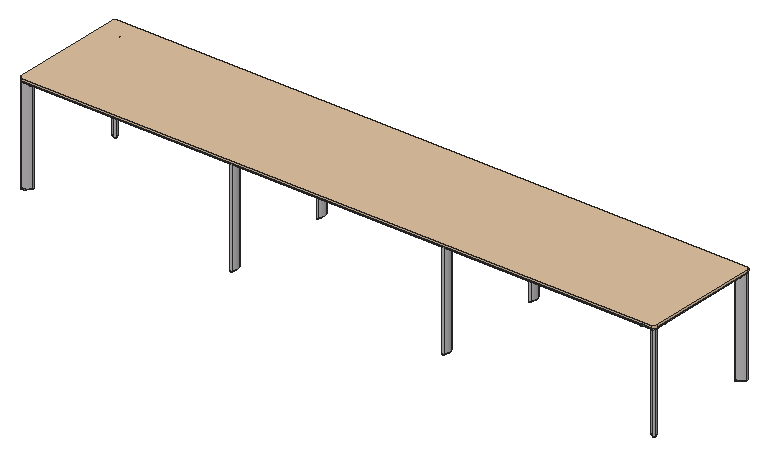
Revit family "FU_Table_Sandler_Laminar 0948", category Furniture, Revit 2020
Family settings
  OmniClass Number = 23.40.20.00
  OmniClass Title = General Furniture and Specialties
  Work Plane-Based = No
  Always vertical = Yes
  Cut with Voids When Loaded = No
  Shared = No
  Room Calculation Point = No
Parameters (values of type "Laminar 0948 (Dining Height)")
  Width = 4800 mm
  URL = "https://www.sandlerseating.com/product/laminar-0948/"
  Top [instance] = Wood - Oak - Natural - V
  Model = "Laminar 0948"
  Manufacturer = "Sandler"
  Height = 750 mm
  Frame [instance] = Epoxy - M2_G42
  EL Dist = Width / 3  # 1600 mm
  Description = "480cm x 90cm / 189″ x 36″ table on epoxy painted frame."
  Depth = 900 mm
  Default Elevation = 0 mm
Types (4, lengths in mm): name | Top | Height | Frame
  (no name) | Wood - Oak - Natural - V | 750 | Epoxy - M2_G42
  Laminar 0948 (Dining Height) | Wood - Oak - Natural - V | 750 | Epoxy - M2_G42
  Laminar 0948 (Counter Height) | Lacquer - W2 - G42 | 900 | Epoxy - M2_V16
  Laminar 0948 (Bar Height) | HPL - Solid - White | 1050 | Epoxy - M1_B00 - Black
Reference planes
  plane 1 "Center (Front/Back)": y = 0
  plane 2: z = 0
  plane 3 "Center (Left/Right)": x = 0
  plane 4 "Right": x = -2400
  plane 5 "Left": x = 2400
  plane 6 "Back": y = 450
  plane 7 "Front": y = -450
  plane 8 "Height": z = 750
  plane 9 "Top Frame Base": z = 737
  plane 10 "Frame Edge Right TOP": x = -2305
  plane 11 "Frame Edge Left TOP": x = 2305
  plane 12 "Frame Edge Front TOP": y = -355
  plane 13 "Frame Edge Back TOP": y = 355
  plane 14 "Right Leg C TOP": x = -2362.984
  plane 15 "Back Leg C TOP": y = 412.984
  plane 16 "Front Leg C TOP": y = -412.984
  plane 17 "Left C TOP": x = 2362.984
  plane 18 "Glide Height": z = 6
  plane 19 "Frame Base FRONT": z = 696.108
  plane 20 "Cross Support Front TOP": y = -392.984
  plane 21 "Cross Support Back TOP": y = 392.984
  plane 22 "EL Right TOP": x = -800
  plane 23 "EL Left TOP": x = 800
Forms (mm)
  Extrusion 1, solid, material "Wood - Oak - Natural - V" <- "Top"
    sketch origin (0, 0, 750) x (-1, 0, 0) y (0, -1, 0)
      loop
        arc (2375, -450) -> (2392.678, -442.678) -> (2400, -425) r 25
        line (2400, -425) -> (2400, 425)
        arc (2400, 425) -> (2392.678, 442.678) -> (2375, 450) r 25
        line (2375, 450) -> (-2375, 450)
        arc (-2375, 450) -> (-2392.678, 442.678) -> (-2400, 425) r 25
        line (-2400, 425) -> (-2400, -425)
        arc (-2400, -425) -> (-2392.678, -442.678) -> (-2375, -450) r 25
        line (-2375, -450) -> (2375, -450)
    from 0 to -13
  Sweep 2, solid, material "Epoxy - M2_G42" <- "Frame"
    path origin (0, 0, 737) x (-1, 0, 0) y (0, -1, 0)
      loop
        line (-2305, 450) -> (2305, 450)
    profile "Pro_Laminar_Frame : Pro_Laminar_Frame" origin (0, -450, 737) x (0, -1, 0) y (0, 0, 1)
      loop
        arc (-78.25, 0) -> (-78.959, -0.294) -> (-79.252, -1.003) r 1.003
        line (-79.252, -1.003) -> (-79.252, -40.038)
        arc (-79.252, -40.038) -> (-78.971, -40.718) -> (-78.29, -41) r 0.962
        line (-78.29, -41) -> (-56.47, -41)
        arc (-56.47, -41) -> (-49.536, -40.019) -> (-43.146, -37.154) r 25
        line (-43.146, -37.154) -> (-3.835, -12.393)
        arc (-3.835, -12.393) -> (-2.123, -10.579) -> (-1.5, -8.162) r 5
        line (-1.5, -8.162) -> (-1.5, -0.534)
        arc (-1.5, -0.534) -> (-1.656, -0.156) -> (-2.034, 0) r 0.534
        line (-2.034, 0) -> (-78.25, 0)
  Sweep 3, solid, material "Epoxy - M2_G42" <- "Frame"
    path origin (0, 0, 737) x (-1, 0, 0) y (0, -1, 0)
      loop
        line (2400, 355) -> (2400, -355)
    profile "Pro_Laminar_Frame : Pro_Laminar_Frame" origin (-2400, 0, 737) x (-1, 0, 0) y (0, 0, 1)
      loop
        arc (-78.25, 0) -> (-78.959, -0.294) -> (-79.252, -1.003) r 1.003
        line (-79.252, -1.003) -> (-79.252, -40.038)
        arc (-79.252, -40.038) -> (-78.971, -40.718) -> (-78.29, -41) r 0.962
        line (-78.29, -41) -> (-56.47, -41)
        arc (-56.47, -41) -> (-49.536, -40.019) -> (-43.146, -37.154) r 25
        line (-43.146, -37.154) -> (-3.835, -12.393)
        arc (-3.835, -12.393) -> (-2.123, -10.579) -> (-1.5, -8.162) r 5
        line (-1.5, -8.162) -> (-1.5, -0.534)
        arc (-1.5, -0.534) -> (-1.656, -0.156) -> (-2.034, 0) r 0.534
        line (-2.034, 0) -> (-78.25, 0)
  Sweep 4, solid, material "Epoxy - M2_G42" <- "Frame"
    path origin (0, 0, 737) x (-1, 0, 0) y (0, -1, 0)
      loop
        line (2305, -450) -> (-2305, -450)
    profile "Pro_Laminar_Frame : Pro_Laminar_Frame" origin (0, 450, 737) x (0, 1, 0) y (0, 0, 1)
      loop
        arc (-78.25, 0) -> (-78.959, -0.294) -> (-79.252, -1.003) r 1.003
        line (-79.252, -1.003) -> (-79.252, -40.038)
        arc (-79.252, -40.038) -> (-78.971, -40.718) -> (-78.29, -41) r 0.962
        line (-78.29, -41) -> (-56.47, -41)
        arc (-56.47, -41) -> (-49.536, -40.019) -> (-43.146, -37.154) r 25
        line (-43.146, -37.154) -> (-3.835, -12.393)
        arc (-3.835, -12.393) -> (-2.123, -10.579) -> (-1.5, -8.162) r 5
        line (-1.5, -8.162) -> (-1.5, -0.534)
        arc (-1.5, -0.534) -> (-1.656, -0.156) -> (-2.034, 0) r 0.534
        line (-2.034, 0) -> (-78.25, 0)
  Sweep 5, solid, material "Epoxy - M2_G42" <- "Frame"
    path origin (0, 0, 737) x (-1, 0, 0) y (0, -1, 0)
      loop
        line (-2400, 355) -> (-2400, -355)
    profile "Pro_Laminar_Frame : Pro_Laminar_Frame" origin (2400, 0, 737) x (-1, 0, 0) y (0, 0, 1)
      loop
        line (78.25, 0) -> (2.034, 0)
        arc (2.034, 0) -> (1.656, -0.156) -> (1.5, -0.534) r 0.534
        line (1.5, -0.534) -> (1.5, -8.162)
        arc (1.5, -8.162) -> (2.123, -10.579) -> (3.835, -12.393) r 5
        line (3.835, -12.393) -> (43.146, -37.154)
        arc (43.146, -37.154) -> (49.536, -40.019) -> (56.47, -41) r 25
        line (56.47, -41) -> (78.29, -41)
        arc (78.29, -41) -> (78.971, -40.718) -> (79.252, -40.038) r 0.962
        line (79.252, -40.038) -> (79.252, -1.003)
        arc (79.252, -1.003) -> (78.959, -0.294) -> (78.25, 0) r 1.003
  Sweep 6, solid, material "Epoxy - M2_G42" <- "Frame"
    path origin (0, 412.984, 0) x (1, 0, 0) y (0, 0, 1)
      loop
        line (-2362.984, 6) -> (-2362.984, 737)
    profile "Pro_Laminar_Leg : Pro_Laminar_Leg" origin (-2362.984, 412.984, 371.5) x (-1, 0, 0) y (0, -1, 0)
      loop
        arc (-16.792, 30.86) -> (-28.302, 28.302) -> (-30.86, 16.792) r 10.982
        arc (-30.86, 16.792) -> (-12.33, -12.33) -> (16.792, -30.86) r 79.547
        arc (16.792, -30.86) -> (28.302, -28.302) -> (30.86, -16.792) r 10.982
        arc (30.86, -16.792) -> (12.33, 12.33) -> (-16.792, 30.86) r 79.547
  Sweep 7, solid, material "Epoxy - M2_G42" <- "Frame"
    path origin (0, -412.984, 0) x (1, 0, 0) y (0, 0, 1)
      loop
        line (-2362.984, 6) -> (-2362.984, 737)
    profile "Pro_Laminar_Leg : Pro_Laminar_Leg" origin (-2362.984, -412.984, 371.5) x (-1, 0, 0) y (0, -1, 0)
      loop
        arc (-30.86, -16.792) -> (-28.302, -28.302) -> (-16.792, -30.86) r 10.982
        arc (-16.792, -30.86) -> (12.33, -12.33) -> (30.86, 16.792) r 79.547
        arc (30.86, 16.792) -> (28.302, 28.302) -> (16.792, 30.86) r 10.982
        arc (16.792, 30.86) -> (-12.33, 12.33) -> (-30.86, -16.792) r 79.547
  Sweep 8, solid, material "Epoxy - M2_G42" <- "Frame"
    path origin (0, -412.984, 0) x (1, 0, 0) y (0, 0, 1)
      loop
        line (2362.984, 6) -> (2362.984, 737)
    profile "Pro_Laminar_Leg : Pro_Laminar_Leg" origin (2362.984, -412.984, 371.5) x (-1, 0, 0) y (0, -1, 0)
      loop
        arc (-16.792, 30.86) -> (-28.302, 28.302) -> (-30.86, 16.792) r 10.982
        arc (-30.86, 16.792) -> (-12.33, -12.33) -> (16.792, -30.86) r 79.547
        arc (16.792, -30.86) -> (28.302, -28.302) -> (30.86, -16.792) r 10.982
        arc (30.86, -16.792) -> (12.33, 12.33) -> (-16.792, 30.86) r 79.547
  Sweep 9, solid, material "Epoxy - M2_G42" <- "Frame"
    path origin (0, 412.984, 0) x (1, 0, 0) y (0, 0, 1)
      loop
        line (2362.984, 6) -> (2362.984, 737)
    profile "Pro_Laminar_Leg : Pro_Laminar_Leg" origin (2362.984, 412.984, 371.5) x (-1, 0, 0) y (0, -1, 0)
      loop
        arc (-30.86, -16.792) -> (-28.302, -28.302) -> (-16.792, -30.86) r 10.982
        arc (-16.792, -30.86) -> (12.33, -12.33) -> (30.86, 16.792) r 79.547
        arc (30.86, 16.792) -> (28.302, 28.302) -> (16.792, 30.86) r 10.982
        arc (16.792, 30.86) -> (-12.33, 12.33) -> (-30.86, -16.792) r 79.547
  Sweep 10, solid, material "Rubber, Black"
    path origin (0, 412.984, 0) x (1, 0, 0) y (0, 0, 1)
      loop
        line (2362.984, 0) -> (2362.984, 6)
    profile "Pro_Laminar_Leg : Pro_Laminar_Leg" origin (2362.984, 412.984, 3) x (-1, 0, 0) y (0, -1, 0)
      loop
        arc (-30.86, -16.792) -> (-28.302, -28.302) -> (-16.792, -30.86) r 10.982
        arc (-16.792, -30.86) -> (12.33, -12.33) -> (30.86, 16.792) r 79.547
        arc (30.86, 16.792) -> (28.302, 28.302) -> (16.792, 30.86) r 10.982
        arc (16.792, 30.86) -> (-12.33, 12.33) -> (-30.86, -16.792) r 79.547
  Sweep 11, solid, material "Rubber, Black"
    path origin (0, 412.984, 0) x (1, 0, 0) y (0, 0, 1)
      loop
        line (-2362.984, 0) -> (-2362.984, 6)
    profile "Pro_Laminar_Leg : Pro_Laminar_Leg" origin (-2362.984, 412.984, 3) x (-1, 0, 0) y (0, -1, 0)
      loop
        arc (-16.792, 30.86) -> (-28.302, 28.302) -> (-30.86, 16.792) r 10.982
        arc (-30.86, 16.792) -> (-12.33, -12.33) -> (16.792, -30.86) r 79.547
        arc (16.792, -30.86) -> (28.302, -28.302) -> (30.86, -16.792) r 10.982
        arc (30.86, -16.792) -> (12.33, 12.33) -> (-16.792, 30.86) r 79.547
  Sweep 12, solid, material "Rubber, Black"
    path origin (0, -412.984, 0) x (1, 0, 0) y (0, 0, 1)
      loop
        line (-2362.984, 0) -> (-2362.984, 6)
    profile "Pro_Laminar_Leg : Pro_Laminar_Leg" origin (-2362.984, -412.984, 3) x (-1, 0, 0) y (0, -1, 0)
      loop
        arc (-30.86, -16.792) -> (-28.302, -28.302) -> (-16.792, -30.86) r 10.982
        arc (-16.792, -30.86) -> (12.33, -12.33) -> (30.86, 16.792) r 79.547
        arc (30.86, 16.792) -> (28.302, 28.302) -> (16.792, 30.86) r 10.982
        arc (16.792, 30.86) -> (-12.33, 12.33) -> (-30.86, -16.792) r 79.547
  Sweep 13, solid, material "Rubber, Black"
    path origin (0, -412.984, 0) x (1, 0, 0) y (0, 0, 1)
      loop
        line (2362.984, 0) -> (2362.984, 6)
    profile "Pro_Laminar_Leg : Pro_Laminar_Leg" origin (2362.984, -412.984, 3) x (-1, 0, 0) y (0, -1, 0)
      loop
        arc (-16.792, 30.86) -> (-28.302, 28.302) -> (-30.86, 16.792) r 10.982
        arc (-30.86, 16.792) -> (-12.33, -12.33) -> (16.792, -30.86) r 79.547
        arc (16.792, -30.86) -> (28.302, -28.302) -> (30.86, -16.792) r 10.982
        arc (30.86, -16.792) -> (12.33, 12.33) -> (-16.792, 30.86) r 79.547
  Sweep 14, solid, material "Epoxy - M2_G42" <- "Frame"
    path origin (0, 0, 737) x (-1, 0, 0) y (0, -1, 0)
      loop
        line (-2305, 448.5) -> (-2398.5, 448.5) -> (-2398.5, 355)
    profile "Pro_Laminar_Frame : Pro_Laminar_Frame" origin (2351.75, -448.5, 737) x (0, 1, 0) y (0, 0, 1)
      loop
        line (76.75, 0) -> (0.534, 0)
        arc (0.534, 0) -> (0.156, -0.156) -> (0, -0.534) r 0.534
        line (0, -0.534) -> (0, -8.162)
        arc (0, -8.162) -> (0.623, -10.579) -> (2.335, -12.393) r 5
        line (2.335, -12.393) -> (41.646, -37.154)
        arc (41.646, -37.154) -> (48.036, -40.019) -> (54.97, -41) r 25
        line (54.97, -41) -> (76.79, -41)
        arc (76.79, -41) -> (77.471, -40.718) -> (77.752, -40.038) r 0.962
        line (77.752, -40.038) -> (77.752, -1.003)
        arc (77.752, -1.003) -> (77.459, -0.294) -> (76.75, 0) r 1.003
  Extrusion 15, void
    sketch origin (0, 0, 737) x (-1, 0, 0) y (0, -1, 0)
      loop
        line (-2374.12, 449.12) -> (-2374.12, 464.12) -> (-2414.12, 464.12) -> (-2414.12, 424.12) -> (-2399.12, 424.12)
        arc (-2399.12, 424.12) -> (-2391.798, 441.798) -> (-2374.12, 449.12) r 25
    from -40.892 to 13
  Sweep 16, solid, material "Epoxy - M2_G42" <- "Frame"
    path origin (0, 0, 737) x (1, 0, 0) y (0, -1, 0)
      loop
        line (-2305, 448.5) -> (-2398.5, 448.5) -> (-2398.5, 355)
    profile "Pro_Laminar_Frame : Pro_Laminar_Frame" origin (-2351.75, -448.5, 737) x (0, -1, 0) y (0, 0, 1)
      loop
        arc (-76.75, 0) -> (-77.459, -0.294) -> (-77.752, -1.003) r 1.003
        line (-77.752, -1.003) -> (-77.752, -40.038)
        arc (-77.752, -40.038) -> (-77.471, -40.718) -> (-76.79, -41) r 0.962
        line (-76.79, -41) -> (-54.97, -41)
        arc (-54.97, -41) -> (-48.036, -40.019) -> (-41.646, -37.154) r 25
        line (-41.646, -37.154) -> (-2.335, -12.393)
        arc (-2.335, -12.393) -> (-0.623, -10.579) -> (0, -8.162) r 5
        line (0, -8.162) -> (0, -0.534)
        arc (0, -0.534) -> (-0.156, -0.156) -> (-0.534, 0) r 0.534
        line (-0.534, 0) -> (-76.75, 0)
  Sweep 17, solid, material "Epoxy - M2_G42" <- "Frame"
    path origin (0, 0, 737) x (1, 0, 0) y (0, 1, 0)
      loop
        line (-2305, 448.5) -> (-2398.5, 448.5) -> (-2398.5, 355)
    profile "Pro_Laminar_Frame : Pro_Laminar_Frame" origin (-2351.75, 448.5, 737) x (0, -1, 0) y (0, 0, 1)
      loop
        line (76.75, 0) -> (0.534, 0)
        arc (0.534, 0) -> (0.156, -0.156) -> (0, -0.534) r 0.534
        line (0, -0.534) -> (0, -8.162)
        arc (0, -8.162) -> (0.623, -10.579) -> (2.335, -12.393) r 5
        line (2.335, -12.393) -> (41.646, -37.154)
        arc (41.646, -37.154) -> (48.036, -40.019) -> (54.97, -41) r 25
        line (54.97, -41) -> (76.79, -41)
        arc (76.79, -41) -> (77.471, -40.718) -> (77.752, -40.038) r 0.962
        line (77.752, -40.038) -> (77.752, -1.003)
        arc (77.752, -1.003) -> (77.459, -0.294) -> (76.75, 0) r 1.003
  Sweep 18, solid, material "Epoxy - M2_G42" <- "Frame"
    path origin (0, 0, 737) x (-1, 0, 0) y (0, 1, 0)
      loop
        line (-2305, 448.5) -> (-2398.5, 448.5) -> (-2398.5, 355)
    profile "Pro_Laminar_Frame : Pro_Laminar_Frame" origin (2351.75, 448.5, 737) x (0, 1, 0) y (0, 0, 1)
      loop
        arc (-76.75, 0) -> (-77.459, -0.294) -> (-77.752, -1.003) r 1.003
        line (-77.752, -1.003) -> (-77.752, -40.038)
        arc (-77.752, -40.038) -> (-77.471, -40.718) -> (-76.79, -41) r 0.962
        line (-76.79, -41) -> (-54.97, -41)
        arc (-54.97, -41) -> (-48.036, -40.019) -> (-41.646, -37.154) r 25
        line (-41.646, -37.154) -> (-2.335, -12.393)
        arc (-2.335, -12.393) -> (-0.623, -10.579) -> (0, -8.162) r 5
        line (0, -8.162) -> (0, -0.534)
        arc (0, -0.534) -> (-0.156, -0.156) -> (-0.534, 0) r 0.534
        line (-0.534, 0) -> (-76.75, 0)
  Extrusion 19, void
    sketch origin (0, 0, 737) x (1, 0, 0) y (0, 1, 0)
      loop
        arc (-2374.12, -449.12) -> (-2391.798, -441.798) -> (-2399.12, -424.12) r 25
        line (-2399.12, -424.12) -> (-2414.12, -424.12) -> (-2414.12, -464.12) -> (-2374.12, -464.12) -> (-2374.12, -449.12)
    from -40.892 to 13
  Extrusion 20, void
    sketch origin (0, 0, 737) x (1, 0, 0) y (0, 1, 0)
      loop
        line (-2374.12, 449.12) -> (-2374.12, 464.12) -> (-2414.12, 464.12) -> (-2414.12, 424.12) -> (-2399.12, 424.12)
        arc (-2399.12, 424.12) -> (-2391.798, 441.798) -> (-2374.12, 449.12) r 25
    from -40.892 to 13
  Extrusion 21, void
    sketch origin (0, 0, 737) x (-1, 0, 0) y (0, -1, 0)
      loop
        arc (-2374.12, -449.12) -> (-2391.798, -441.798) -> (-2399.12, -424.12) r 25
        line (-2399.12, -424.12) -> (-2414.12, -424.12) -> (-2414.12, -464.12) -> (-2374.12, -464.12) -> (-2374.12, -449.12)
    from -40.892 to 13
  Sweep 22, solid, material "Epoxy - M2_G42" <- "Frame"
    path origin (-800, -412.984, 0) x (1, 0, 0) y (0, 0, 1)
      loop
        line (0, 6) -> (0, 737)
    profile "Pro_Laminar_Leg : Pro_Laminar_Leg" origin (-800, -412.984, 371.5) x (-1, 0, 0) y (0, -1, 0)
      loop
        arc (-9.948, -38.695) -> (0, -45.025) -> (9.948, -38.695) r 10.982
        arc (9.948, -38.695) -> (17.437, -5) -> (9.948, 28.695) r 79.547
        arc (9.948, 28.695) -> (0, 35.025) -> (-9.948, 28.695) r 10.982
        arc (-9.948, 28.695) -> (-17.437, -5) -> (-9.948, -38.695) r 79.547
  Sweep 23, solid, material "Rubber, Black"
    path origin (-800, -412.984, 0) x (1, 0, 0) y (0, 0, 1)
      loop
        line (0, 0) -> (0, 6)
    profile "Pro_Laminar_Leg : Pro_Laminar_Leg" origin (-800, -412.984, 3) x (-1, 0, 0) y (0, -1, 0)
      loop
        arc (-9.948, -38.695) -> (0, -45.025) -> (9.948, -38.695) r 10.982
        arc (9.948, -38.695) -> (17.437, -5) -> (9.948, 28.695) r 79.547
        arc (9.948, 28.695) -> (0, 35.025) -> (-9.948, 28.695) r 10.982
        arc (-9.948, 28.695) -> (-17.437, -5) -> (-9.948, -38.695) r 79.547
  Sweep 24, solid, material "Rubber, Black"
    path origin (-800, 412.984, 0) x (1, 0, 0) y (0, 0, 1)
      loop
        line (0, 0) -> (0, 6)
    profile "Pro_Laminar_Leg : Pro_Laminar_Leg" origin (-800, 412.984, 3) x (-1, 0, 0) y (0, -1, 0)
      loop
        arc (-9.948, -28.695) -> (0, -35.025) -> (9.948, -28.695) r 10.982
        arc (9.948, -28.695) -> (17.437, 5) -> (9.948, 38.695) r 79.547
        arc (9.948, 38.695) -> (0, 45.025) -> (-9.948, 38.695) r 10.982
        arc (-9.948, 38.695) -> (-17.437, 5) -> (-9.948, -28.695) r 79.547
  Sweep 25, solid, material "Epoxy - M2_G42" <- "Frame"
    path origin (-800, 412.984, 0) x (1, 0, 0) y (0, 0, 1)
      loop
        line (0, 6) -> (0, 737)
    profile "Pro_Laminar_Leg : Pro_Laminar_Leg" origin (-800, 412.984, 371.5) x (-1, 0, 0) y (0, -1, 0)
      loop
        arc (-9.948, -28.695) -> (0, -35.025) -> (9.948, -28.695) r 10.982
        arc (9.948, -28.695) -> (17.437, 5) -> (9.948, 38.695) r 79.547
        arc (9.948, 38.695) -> (0, 45.025) -> (-9.948, 38.695) r 10.982
        arc (-9.948, 38.695) -> (-17.437, 5) -> (-9.948, -28.695) r 79.547
  Extrusion 26, solid, material "Epoxy - M2_G42" <- "Frame"
    sketch origin (-800, 0, 0) x (1, 0, 0) y (0, 0, 1)
      loop
        line (-29.788, 736) -> (-29.788, 722.1) -> (-28.788, 722.1) -> (-28.788, 721.1) -> (-25.288, 721.1) -> (-25.288, 724.1) -> (-28.288, 724.1) -> (-28.288, 726.5) -> (-24.69, 726.5) -> (-17.288, 722.226) -> (-17.288, 709.773) -> (-24.69, 705.5) -> (-28.288, 705.5) -> (-28.288, 707.9) -> (-25.288, 707.9) -> (-25.288, 710.9) -> (-28.788, 710.9) -> (-28.788, 709.9) -> (-29.788, 709.9) -> (-29.788, 697.144)
        arc (-29.788, 697.144) -> (-29.485, 696.412) -> (-28.753, 696.108) r 1.035
        line (-28.753, 696.108) -> (28.753, 696.108)
        arc (28.753, 696.108) -> (29.485, 696.412) -> (29.788, 697.144) r 1.035
        line (29.788, 697.144) -> (29.788, 709.9) -> (28.788, 709.9) -> (28.788, 710.9) -> (25.288, 710.9) -> (25.288, 707.9) -> (28.288, 707.9) -> (28.288, 705.5) -> (24.69, 705.5) -> (17.288, 709.773) -> (17.288, 722.226) -> (24.69, 726.5) -> (28.288, 726.5) -> (28.288, 724.1) -> (25.288, 724.1) -> (25.288, 721.1) -> (28.788, 721.1) -> (28.788, 722.1) -> (29.788, 722.1) -> (29.788, 736)
        arc (29.788, 736) -> (29.495, 736.707) -> (28.788, 737) r 1
        line (28.788, 737) -> (-28.788, 737)
        arc (-28.788, 737) -> (-29.495, 736.707) -> (-29.788, 736) r 1
    from -392.984 to 392.984
  Sweep 27, solid, material "Epoxy - M2_G42" <- "Frame"
    path origin (800, -412.984, 0) x (1, 0, 0) y (0, 0, 1)
      loop
        line (0, 6) -> (0, 737)
    profile "Pro_Laminar_Leg : Pro_Laminar_Leg" origin (800, -412.984, 371.5) x (-1, 0, 0) y (0, -1, 0)
      loop
        arc (-9.948, -38.695) -> (0, -45.025) -> (9.948, -38.695) r 10.982
        arc (9.948, -38.695) -> (17.437, -5) -> (9.948, 28.695) r 79.547
        arc (9.948, 28.695) -> (0, 35.025) -> (-9.948, 28.695) r 10.982
        arc (-9.948, 28.695) -> (-17.437, -5) -> (-9.948, -38.695) r 79.547
  Sweep 28, solid, material "Rubber, Black"
    path origin (800, -412.984, 0) x (1, 0, 0) y (0, 0, 1)
      loop
        line (0, 0) -> (0, 6)
    profile "Pro_Laminar_Leg : Pro_Laminar_Leg" origin (800, -412.984, 3) x (-1, 0, 0) y (0, -1, 0)
      loop
        arc (-9.948, -38.695) -> (0, -45.025) -> (9.948, -38.695) r 10.982
        arc (9.948, -38.695) -> (17.437, -5) -> (9.948, 28.695) r 79.547
        arc (9.948, 28.695) -> (0, 35.025) -> (-9.948, 28.695) r 10.982
        arc (-9.948, 28.695) -> (-17.437, -5) -> (-9.948, -38.695) r 79.547
  Sweep 29, solid, material "Rubber, Black"
    path origin (800, 412.984, 0) x (1, 0, 0) y (0, 0, 1)
      loop
        line (0, 0) -> (0, 6)
    profile "Pro_Laminar_Leg : Pro_Laminar_Leg" origin (800, 412.984, 3) x (-1, 0, 0) y (0, -1, 0)
      loop
        arc (-9.948, -28.695) -> (0, -35.025) -> (9.948, -28.695) r 10.982
        arc (9.948, -28.695) -> (17.437, 5) -> (9.948, 38.695) r 79.547
        arc (9.948, 38.695) -> (0, 45.025) -> (-9.948, 38.695) r 10.982
        arc (-9.948, 38.695) -> (-17.437, 5) -> (-9.948, -28.695) r 79.547
  Sweep 30, solid, material "Epoxy - M2_G42" <- "Frame"
    path origin (800, 412.984, 0) x (1, 0, 0) y (0, 0, 1)
      loop
        line (0, 6) -> (0, 737)
    profile "Pro_Laminar_Leg : Pro_Laminar_Leg" origin (800, 412.984, 371.5) x (-1, 0, 0) y (0, -1, 0)
      loop
        arc (-9.948, -28.695) -> (0, -35.025) -> (9.948, -28.695) r 10.982
        arc (9.948, -28.695) -> (17.437, 5) -> (9.948, 38.695) r 79.547
        arc (9.948, 38.695) -> (0, 45.025) -> (-9.948, 38.695) r 10.982
        arc (-9.948, 38.695) -> (-17.437, 5) -> (-9.948, -28.695) r 79.547
  Extrusion 31, solid, material "Epoxy - M2_G42" <- "Frame"
    sketch origin (800, 0, 0) x (1, 0, 0) y (0, 0, 1)
      loop
        line (-29.788, 736) -> (-29.788, 722.1) -> (-28.788, 722.1) -> (-28.788, 721.1) -> (-25.288, 721.1) -> (-25.288, 724.1) -> (-28.288, 724.1) -> (-28.288, 726.5) -> (-24.69, 726.5) -> (-17.288, 722.226) -> (-17.288, 709.773) -> (-24.69, 705.5) -> (-28.288, 705.5) -> (-28.288, 707.9) -> (-25.288, 707.9) -> (-25.288, 710.9) -> (-28.788, 710.9) -> (-28.788, 709.9) -> (-29.788, 709.9) -> (-29.788, 697.144)
        arc (-29.788, 697.144) -> (-29.485, 696.412) -> (-28.753, 696.108) r 1.035
        line (-28.753, 696.108) -> (28.753, 696.108)
        arc (28.753, 696.108) -> (29.485, 696.412) -> (29.788, 697.144) r 1.035
        line (29.788, 697.144) -> (29.788, 709.9) -> (28.788, 709.9) -> (28.788, 710.9) -> (25.288, 710.9) -> (25.288, 707.9) -> (28.288, 707.9) -> (28.288, 705.5) -> (24.69, 705.5) -> (17.288, 709.773) -> (17.288, 722.226) -> (24.69, 726.5) -> (28.288, 726.5) -> (28.288, 724.1) -> (25.288, 724.1) -> (25.288, 721.1) -> (28.788, 721.1) -> (28.788, 722.1) -> (29.788, 722.1) -> (29.788, 736)
        arc (29.788, 736) -> (29.495, 736.707) -> (28.788, 737) r 1
        line (28.788, 737) -> (-28.788, 737)
        arc (-28.788, 737) -> (-29.495, 736.707) -> (-29.788, 736) r 1
    from -392.984 to 392.984
Cuts and joins
  Extrusion 20 cuts Sweep 17
  Extrusion 21 cuts Sweep 18
  Extrusion 15 cuts Sweep 14
  Extrusion 19 cuts Sweep 16
Dimensions and locks
  equal spacing: plane 4 "Right", plane 3 "Center (Left/Right)", plane 5 "Left"
  "Width": plane 4 "Right" to plane 5 "Left"
  equal spacing: plane 6 "Back", plane 1 "Center (Front/Back)", plane 7 "Front"
  "Depth": plane 6 "Back" to plane 7 "Front"
  "Height": plane 8 "Height" to level
  locked: plane 8 "Height" to plane 9 "Top Frame Base" at 13
  plane 4 "Right" to plane 14 "Right Leg C TOP" to plane 10 "Frame Edge Right TOP" = 37.016 mm locked, 57.984 mm locked
  plane 12 "Frame Edge Front TOP" to plane 16 "Front Leg C TOP" to plane 7 "Front" = 57.984 mm locked, 37.016 mm locked
  plane 6 "Back" to plane 15 "Back Leg C TOP" to plane 13 "Frame Edge Back TOP" = 37.016 mm locked, 57.984 mm locked
  plane 11 "Frame Edge Left TOP" to plane 17 "Left C TOP" to plane 5 "Left" = 57.984 mm locked, 37.016 mm locked
  locked: plane 18 "Glide Height" to plane 2 at 6
  locked: plane 16 "Front Leg C TOP" to plane 20 "Cross Support Front TOP" at 20
  locked: plane 21 "Cross Support Back TOP" to plane 15 "Back Leg C TOP" at 20
  locked: plane 9 "Top Frame Base" to plane 19 "Frame Base FRONT" at 40.892
  equal spacing: plane 22 "EL Right TOP", plane 3 "Center (Left/Right)", plane 23 "EL Left TOP"
  "EL Dist": plane 22 "EL Right TOP" to plane 23 "EL Left TOP"
  aligned and locked: level to plane 2
  aligned and locked: plane 10 "Frame Edge Right TOP" to Sweep 2 sketch curve
  aligned and locked: plane 11 "Frame Edge Left TOP" to Sweep 2 sketch curve
  aligned and locked: plane 13 "Frame Edge Back TOP" to Sweep 3 sketch curve
  aligned and locked: plane 4 "Right" to Sweep 3 sketch curve
  aligned and locked: plane 10 "Frame Edge Right TOP" to Sweep 4 sketch curve
  aligned and locked: plane 11 "Frame Edge Left TOP" to Sweep 4 sketch curve
  aligned and locked: Sweep 5 sketch curve to plane 13 "Frame Edge Back TOP"
  aligned and locked: plane 12 "Frame Edge Front TOP" to Sweep 5 sketch curve
  aligned and locked: Extrusion 1 sketch curve to plane 4 "Right"
  aligned and locked: Extrusion 1 sketch curve to plane 6 "Back"
  aligned and locked: Extrusion 1 sketch curve to plane 7 "Front"
  aligned and locked: plane 5 "Left" to Extrusion 1 sketch curve
  aligned and locked: plane 9 "Top Frame Base" to Sweep 6 sketch curve
  aligned and locked: Sweep 6 sketch curve to plane 18 "Glide Height"
  aligned and locked: plane 9 "Top Frame Base" to Sweep 7 sketch curve
  aligned and locked: Sweep 7 sketch curve to plane 18 "Glide Height"
  aligned and locked: Sweep 8 sketch curve to plane 9 "Top Frame Base"
  aligned and locked: plane 18 "Glide Height" to Sweep 8 sketch curve
  aligned and locked: Sweep 9 sketch curve to plane 9 "Top Frame Base"
  aligned and locked: plane 18 "Glide Height" to Sweep 9 sketch curve
  aligned and locked: plane 18 "Glide Height" to Sweep 10 sketch curve
  aligned and locked: Sweep 10 sketch curve to plane 2
  aligned and locked: Sweep 11 sketch curve to plane 18 "Glide Height"
  aligned and locked: plane 2 to Sweep 11 sketch curve
  aligned and locked: plane 2 to Sweep 12 sketch curve
  aligned and locked: Sweep 12 sketch curve to plane 18 "Glide Height"
  aligned and locked: Sweep 13 sketch curve to plane 2
  aligned and locked: plane 18 "Glide Height" to Sweep 13 sketch curve
  aligned and locked: Extrusion 15 to plane 19 "Frame Base FRONT"
  aligned and locked: plane 8 "Height" to Extrusion 15
  aligned and locked: Sweep 18 to plane 11 "Frame Edge Left TOP"
  aligned and locked: plane 13 "Frame Edge Back TOP" to Sweep 18
  aligned and locked: Sweep 14 to plane 12 "Frame Edge Front TOP"
  aligned and locked: Sweep 14 to plane 11 "Frame Edge Left TOP"
  aligned and locked: Sweep 16 to plane 10 "Frame Edge Right TOP"
  aligned and locked: plane 12 "Frame Edge Front TOP" to Sweep 16
  aligned and locked: Sweep 17 to plane 13 "Frame Edge Back TOP"
  aligned and locked: Sweep 17 to plane 10 "Frame Edge Right TOP"
  aligned and locked: plane 9 "Top Frame Base" to Sweep 22 sketch curve
  aligned and locked: plane 18 "Glide Height" to Sweep 22 sketch curve
  aligned and locked: plane 18 "Glide Height" to Sweep 23 sketch curve
  aligned and locked: plane 2 to Sweep 23 sketch curve
  aligned and locked: plane 2 to Sweep 24 sketch curve
  aligned and locked: plane 18 "Glide Height" to Sweep 24 sketch curve
  aligned and locked: plane 9 "Top Frame Base" to Sweep 25 sketch curve
  aligned and locked: plane 18 "Glide Height" to Sweep 25 sketch curve
  aligned and locked: Extrusion 26 to plane 20 "Cross Support Front TOP"
  aligned and locked: plane 21 "Cross Support Back TOP" to Extrusion 26
  aligned and locked: plane 9 "Top Frame Base" to Extrusion 26
  aligned and locked: Extrusion 26 to plane 19 "Frame Base FRONT"
Automatic sketch dimensions
  Extrusion 1 sketch curve to plane 15 "Back Leg C TOP" = 12.016 mm
  Extrusion 1 sketch curve to plane 17 "Left C TOP" = 12.016 mm
  plane 14 "Right Leg C TOP" to Extrusion 1 sketch curve = 12.016 mm  (x2)
  Sweep 2 sketch curve to plane 7 "Front" = 0 mm
  Sweep 3 sketch curve to plane 12 "Frame Edge Front TOP" = 0 mm
  plane 6 "Back" to Sweep 4 sketch curve = 0 mm
  Sweep 5 sketch curve to plane 5 "Left" = 0 mm
  plane 14 "Right Leg C TOP" to Sweep 6 sketch curve = 0 mm
  plane 14 "Right Leg C TOP" to Sweep 7 sketch curve = 0 mm
  plane 17 "Left C TOP" to Sweep 8 sketch curve = 0 mm
  plane 17 "Left C TOP" to Sweep 9 sketch curve = 0 mm
  plane 17 "Left C TOP" to Sweep 10 sketch curve = 0 mm
  plane 14 "Right Leg C TOP" to Sweep 11 sketch curve = 0 mm
  plane 14 "Right Leg C TOP" to Sweep 12 sketch curve = 0 mm
  plane 17 "Left C TOP" to Sweep 13 sketch curve = 0 mm
  plane 12 "Frame Edge Front TOP" to Sweep 14 sketch curve = 0 mm
  Sweep 14 sketch curve to plane 11 "Frame Edge Left TOP" = 0 mm
  plane 5 "Left" to Sweep 14 sketch curve = 1.5 mm
  plane 7 "Front" to Sweep 14 sketch curve = 1.5 mm
  Extrusion 15 sketch curve to plane 5 "Left" = 14.12 mm
  plane 5 "Left" to Extrusion 15 sketch curve = 0.88 mm
  plane 7 "Front" to Extrusion 15 sketch curve = 0.88 mm
  Extrusion 15 sketch curve to plane 17 "Left C TOP" = 11.136 mm
  Extrusion 15 sketch curve to plane 7 "Front" = 14.12 mm
  Sweep 16 sketch curve to plane 12 "Frame Edge Front TOP" = 0 mm
  Sweep 16 sketch curve to plane 10 "Frame Edge Right TOP" = 0 mm
  plane 4 "Right" to Sweep 16 sketch curve = 1.5 mm
  Sweep 16 sketch curve to plane 7 "Front" = 1.5 mm
  Sweep 17 sketch curve to plane 13 "Frame Edge Back TOP" = 0 mm
  Sweep 17 sketch curve to plane 10 "Frame Edge Right TOP" = 0 mm
  Sweep 17 sketch curve to plane 4 "Right" = 1.5 mm
  Sweep 17 sketch curve to plane 6 "Back" = 1.5 mm
  plane 13 "Frame Edge Back TOP" to Sweep 18 sketch curve = 0 mm
  Sweep 18 sketch curve to plane 11 "Frame Edge Left TOP" = 0 mm
  Sweep 18 sketch curve to plane 5 "Left" = 1.5 mm
  plane 6 "Back" to Sweep 18 sketch curve = 1.5 mm
  Extrusion 19 sketch curve to plane 4 "Right" = 14.12 mm
  plane 4 "Right" to Extrusion 19 sketch curve = 0.88 mm
  Extrusion 19 sketch curve to plane 7 "Front" = 0.88 mm
  Extrusion 19 sketch curve to plane 14 "Right Leg C TOP" = 11.136 mm
  plane 7 "Front" to Extrusion 19 sketch curve = 14.12 mm
  plane 4 "Right" to Extrusion 20 sketch curve = 14.12 mm
  Extrusion 20 sketch curve to plane 4 "Right" = 0.88 mm
  Extrusion 20 sketch curve to plane 6 "Back" = 0.88 mm
  plane 14 "Right Leg C TOP" to Extrusion 20 sketch curve = 11.136 mm
  plane 6 "Back" to Extrusion 20 sketch curve = 14.12 mm
  plane 5 "Left" to Extrusion 21 sketch curve = 14.12 mm
  Extrusion 21 sketch curve to plane 5 "Left" = 0.88 mm
  plane 6 "Back" to Extrusion 21 sketch curve = 0.88 mm
  plane 17 "Left C TOP" to Extrusion 21 sketch curve = 11.136 mm
  Extrusion 21 sketch curve to plane 6 "Back" = 14.12 mm
  Sweep 22 sketch curve to plane 22 "EL Right TOP" = 0 mm
  Sweep 23 sketch curve to plane 22 "EL Right TOP" = 0 mm
  Sweep 24 sketch curve to plane 22 "EL Right TOP" = 0 mm
  Sweep 25 sketch curve to plane 22 "EL Right TOP" = 0 mm
  Extrusion 26 sketch curve to plane 9 "Top Frame Base" = 0 mm
  Extrusion 26 sketch curve to plane 19 "Frame Base FRONT" = 0 mm
  Extrusion 26 sketch curve to plane 9 "Top Frame Base" = 1 mm
  Extrusion 26 sketch curve to plane 22 "EL Right TOP" = 29.788 mm
  plane 19 "Frame Base FRONT" to Extrusion 26 sketch curve = 1.035 mm  (x2)
  Extrusion 26 sketch curve to Extrusion 26 sketch curve = 0 mm
  Extrusion 26 sketch curve to Extrusion 26 sketch curve = 1 mm  (x6)
  Extrusion 26 sketch curve to Extrusion 26 sketch curve = 0.5 mm  (x5)
  Extrusion 26 sketch curve to Extrusion 26 sketch curve = 3.5 mm
  Extrusion 26 sketch curve to Extrusion 26 sketch curve = 3 mm  (x4)
  plane 19 "Frame Base FRONT" to Extrusion 26 sketch curve = 9.392 mm  (x2)
  Extrusion 26 sketch curve to Extrusion 26 sketch curve = 0.598 mm  (x4)
  Extrusion 26 sketch curve to Extrusion 26 sketch curve = 8 mm
  plane 22 "EL Right TOP" to Extrusion 26 sketch curve = 17.288 mm
  Extrusion 26 sketch curve to Extrusion 26 sketch curve = 7.402 mm  (x2)
  Extrusion 26 sketch curve to Extrusion 26 sketch curve = 3.598 mm
  Extrusion 26 sketch curve to Extrusion 26 sketch curve = 0.465 mm
  Extrusion 26 sketch curve to Extrusion 26 sketch curve = 2.4 mm  (x4)
  Extrusion 26 sketch curve to Extrusion 26 sketch curve = 1.873 mm  (x2)
  Extrusion 26 sketch curve to Extrusion 26 sketch curve = 2 mm  (x3)
  Extrusion 26 sketch curve to Extrusion 26 sketch curve = 10.2 mm  (x2)
  Extrusion 26 sketch curve to Extrusion 26 sketch curve = 1.127 mm  (x2)
  Sweep 27 sketch curve to plane 9 "Top Frame Base" = 0 mm
  plane 23 "EL Left TOP" to Sweep 27 sketch curve = 0 mm
  Sweep 27 sketch curve to plane 18 "Glide Height" = 0 mm
  Sweep 28 sketch curve to plane 18 "Glide Height" = 0 mm
  plane 23 "EL Left TOP" to Sweep 28 sketch curve = 0 mm
  Sweep 28 sketch curve to level = 0 mm
  Sweep 29 sketch curve to plane 18 "Glide Height" = 0 mm
  plane 23 "EL Left TOP" to Sweep 29 sketch curve = 0 mm
  Sweep 29 sketch curve to level = 0 mm
  Sweep 30 sketch curve to plane 9 "Top Frame Base" = 0 mm
  plane 23 "EL Left TOP" to Sweep 30 sketch curve = 0 mm
  Sweep 30 sketch curve to plane 18 "Glide Height" = 0 mm
  Extrusion 31 sketch curve to plane 9 "Top Frame Base" = 0 mm
  Extrusion 31 sketch curve to plane 19 "Frame Base FRONT" = 0 mm
  Extrusion 31 sketch curve to plane 9 "Top Frame Base" = 1 mm
  plane 23 "EL Left TOP" to Extrusion 31 sketch curve = 29.788 mm
  plane 19 "Frame Base FRONT" to Extrusion 31 sketch curve = 1.035 mm  (x2)
  Extrusion 31 sketch curve to Extrusion 31 sketch curve = 0 mm
  Extrusion 31 sketch curve to Extrusion 31 sketch curve = 1 mm  (x6)
  Extrusion 31 sketch curve to Extrusion 31 sketch curve = 0.5 mm  (x5)
  Extrusion 31 sketch curve to Extrusion 31 sketch curve = 3.5 mm
  Extrusion 31 sketch curve to Extrusion 31 sketch curve = 3 mm  (x4)
  plane 19 "Frame Base FRONT" to Extrusion 31 sketch curve = 9.392 mm  (x2)
  Extrusion 31 sketch curve to Extrusion 31 sketch curve = 0.598 mm  (x4)
  Extrusion 31 sketch curve to Extrusion 31 sketch curve = 8 mm
  Extrusion 31 sketch curve to plane 23 "EL Left TOP" = 17.288 mm
  Extrusion 31 sketch curve to Extrusion 31 sketch curve = 7.402 mm  (x2)
  Extrusion 31 sketch curve to Extrusion 31 sketch curve = 3.598 mm
  Extrusion 31 sketch curve to Extrusion 31 sketch curve = 0.465 mm
  Extrusion 31 sketch curve to Extrusion 31 sketch curve = 2.4 mm  (x4)
  Extrusion 31 sketch curve to Extrusion 31 sketch curve = 1.873 mm  (x2)
  Extrusion 31 sketch curve to Extrusion 31 sketch curve = 2 mm  (x3)
  Extrusion 31 sketch curve to Extrusion 31 sketch curve = 10.2 mm  (x2)
  Extrusion 31 sketch curve to Extrusion 31 sketch curve = 1.127 mm  (x2)
